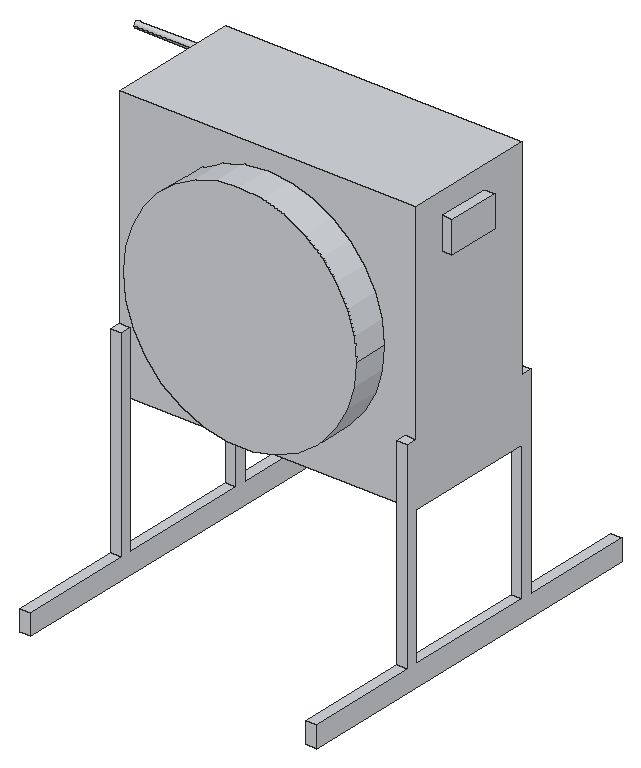
Revit family "M_Condensador - Resfriado a ar - Horizontal - 5-78 kW", category Equipamento mecânico, Revit 2019
Family settings
  Cota do conector redondo = Usar raio
  Tipo de parte = Normal
  Número OmniClass = 23.75.10.24.21.11.11
  Título OmniClass = Packaged Refrigerant Condensing Coils and Fan Units
  ID de item do Seek = Condenser - Air Cooled - Horizontal - 5-78 kW-0000-CAN-ENU
  Com base no plano de trabalho = Não
  Sempre na vertical = Sim
  Corte com vazios quando carregada = Não
  Compartilhado = Não
  Ponto de cálculo do ambiente = Não
Parameters (values of type "5 kW")
  Voltagem = 460 V
  Visibilidade = no
  Raio 1 = Diâmetro 1 / 2  # 279.5 mm
  Altura total = 1032 mm
  Raio da saída = 7.5 mm
  Diâmetro da saída = Raio da saída * 2  # 15 mm
  Número de pólos = 3
  Classificação de carga = Refrigeração
  Comprimento 1 = 0 mm
  Largura da perna = 914 mm
  Altura da perna = 533 mm
  Raio da embocadura = 7.5 mm
  Diâmetro da embocadura = Raio da embocadura * 2  # 15 mm
  Meio comprimento 1 = Comprimento 1 / 2  # 0 mm
  Diâmetro 1 = 559 mm
  Fluxo de material criogênico [instance] = 0.0 L/s
  Largura do condensador = 318 mm
  Material do condensador = none
  Comprimento do condensador = 711 mm
  Altura do condensador = 651 mm
  C2 Deslocamento 2 = 413 mm
  C2 Deslocamento 1 = 25 mm
  C1 Deslocamento 2 = 1016 mm
  C1 Deslocamento 1 = 76 mm
  Carga aparente [instance] = 598 VA
Types (12, lengths in mm): name | Visibilidade | Raio 1 | Altura total | Raio da saída | Diâmetro da saída | Comprimento 1 | Largura da perna | Altura da perna | Raio da embocadura | Diâmetro da embocadura | Meio comprimento 1 | Diâmetro 1 | Largura do condensador | Comprimento do condensador | Altura do condensador | C2 Deslocamento 2 | C2 Deslocamento 1 | C1 Deslocamento 2 | C1 Deslocamento 1 | Carga aparente
  (no name) | no | 279.5 | 1032 | 7.5 | 15 | 0 | 914 | 533 | 7.5 | 15 | 0 | 559 | 318 | 711 | 651 | 413 | 25 | 1016 | 76 | 598 VA
  5 kW | no | 279.5 | 1032 | 7.5 | 15 | 0 | 914 | 533 | 7.5 | 15 | 0 | 559 | 318 | 711 | 651 | 413 | 25 | 1016 | 76 | 598 VA
  8 kW | no | 279.5 | 1032 | 7.5 | 15 | 0 | 914 | 533 | 11.5 | 23 | 0 | 559 | 318 | 711 | 651 | 413 | 25 | 1016 | 76 | 598 VA
  13 kW | no | 279.5 | 1159 | 7.5 | 15 | 0 | 914 | 533 | 11.5 | 23 | 0 | 559 | 368 | 838 | 778 | 413 | 25 | 1143 | 76 | 598 VA
  18 kW | no | 279.5 | 1159 | 7.5 | 15 | 0 | 914 | 533 | 11.5 | 23 | 0 | 559 | 368 | 838 | 778 | 413 | 25 | 1143 | 76 | 598 VA
  27 kW | no | 279.5 | 1159 | 11.5 | 23 | 800 | 914 | 533 | 14 | 28 | 400 | 559 | 368 | 1600 | 778 | 426 | 25 | 949 | 76 | 2120 VA
  35 kW | no | 279.5 | 1159 | 14 | 28 | 800 | 914 | 533 | 17.5 | 35 | 400 | 559 | 368 | 1600 | 778 | 429 | 25 | 1121 | 76 | 2120 VA
  41 kW | no | 279.5 | 1159 | 14 | 28 | 800 | 914 | 533 | 17.5 | 35 | 400 | 559 | 400 | 1600 | 778 | 429 | 25 | 1041 | 76 | 2120 VA
  53 kW | yes | 406.5 | 1702 | 14 | 28 | 1248 | 1219 | 1092 | 17.5 | 35 | 624 | 813 | 540 | 2496 | 1219 | 1105 | 184 | 1588 | 70 | 6810 VA
  59 kW | yes | 406.5 | 1702 | 14 | 28 | 1248 | 1219 | 1092 | 17.5 | 35 | 624 | 813 | 540 | 2496 | 1219 | 1105 | 184 | 1588 | 70 | 6810 VA
  71 kW | yes | 406.5 | 1702 | 17.5 | 35 | 1248 | 1219 | 1092 | 21 | 42 | 624 | 813 | 540 | 2496 | 1219 | 1105 | 184 | 1588 | 70 | 6810 VA
  78 kW | yes | 406.5 | 1702 | 17.5 | 35 | 1248 | 1219 | 1092 | 21 | 42 | 624 | 813 | 540 | 2496 | 1219 | 1105 | 184 | 1588 | 70 | 6810 VA
Reference planes
  plane 1 "Centro (Frente/Trás)": y = 0
  plane 2: z = 0
  plane 3 "Centro (Esquerda/Direita)": x = 0
  plane 4: x = 25.4
  plane 5: z = 50.8
  plane 6: y = 914
  plane 7: x = 711
  plane 8: x = 355.5
  plane 9: x = 685.6
  plane 10: x = 342.8
  plane 11: x = 368.2
  plane 12: y = 457
  plane 13: y = 616
  plane 14: y = 298
  plane 15: y = 641.4
  plane 16: y = 272.6
  plane 17: z = 533
  plane 18: z = 1032
  plane 19: z = 381
  plane 20: x = 355.5
  plane 21: x = 355.5
  plane 22: z = 706.5
  plane 23: y = 215.45
  plane 24: z = 1016
  plane 25: y = 540
  plane 26: x = -152.4
  plane 27: z = 413
  plane 28: y = 591
  plane 29: z = 981.2
  plane 30: z = 905
  plane 31: y = 374.2
  plane 32: y = 501.2
  plane 33: x = 736.4
Forms (mm)
  Extrusion 1, solid, material <- "Material do condensador"
    sketch origin (0, 0, 0) x (1, 0, 0) y (0, 0, 1)
      loop
        line (0, 50.8) -> (0, 0) -> (25.4, 0) -> (25.4, 50.8) -> (0, 50.8)
    from 0 to -914
  Extrusion 2, solid, material <- "Material do condensador"
    sketch origin (0, 0, 0) x (1, 0, 0) y (0, 0, 1)
      loop
        line (685.6, 50.8) -> (685.6, 0) -> (711, 0) -> (711, 50.8) -> (685.6, 50.8)
    from 0 to -914
  Extrusion 3, solid, material <- "Material do condensador", visible <- "Visibilidade"
    sketch origin (0, 0, 0) x (1, 0, 0) y (0, 0, 1)
      loop
        line (342.8, 50.8) -> (342.8, 0) -> (368.2, 0) -> (368.2, 50.8) -> (342.8, 50.8)
    from 0 to -914
  Extrusion 4, solid, material <- "Material do condensador"
    sketch origin (0, 0, 0) x (1, 0, 0) y (0, 0, 1)
      loop
        line (0, 533) -> (0, 0) -> (25.4, 0) -> (25.4, 533) -> (0, 533)
    from -272.6 to -298
  Extrusion 5, solid, material <- "Material do condensador"
    sketch origin (0, 0, 0) x (1, 0, 0) y (0, 0, 1)
      loop
        line (0, 533) -> (0, 0) -> (25.4, 0) -> (25.4, 533) -> (0, 533)
    from -641.4 to -616
  Extrusion 6, solid, material <- "Material do condensador", visible <- "Visibilidade"
    sketch origin (0, 0, 0) x (1, 0, 0) y (0, 0, 1)
      loop
        line (342.8, 533) -> (342.8, 0) -> (368.2, 0) -> (368.2, 533) -> (342.8, 533)
    from -298 to -272.6
  Extrusion 7, solid, material <- "Material do condensador", visible <- "Visibilidade"
    sketch origin (0, 0, 0) x (1, 0, 0) y (0, 0, 1)
      loop
        line (342.8, 533) -> (342.8, 0) -> (368.2, 0) -> (368.2, 533) -> (342.8, 533)
    from -616 to -641.4
  Extrusion 8, solid, material <- "Material do condensador"
    sketch origin (0, 0, 0) x (1, 0, 0) y (0, 0, 1)
      loop
        line (685.6, 533) -> (685.6, 0) -> (711, 0) -> (711, 533) -> (685.6, 533)
    from -298 to -272.6
  Extrusion 9, solid, material <- "Material do condensador"
    sketch origin (0, 0, 0) x (1, 0, 0) y (0, 0, 1)
      loop
        line (685.6, 533) -> (685.6, 0) -> (711, 0) -> (711, 533) -> (685.6, 533)
    from -641.4 to -616
  Extrusion 10, solid, material <- "Material do condensador"
    sketch origin (0, 0, 0) x (1, 0, 0) y (0, 0, 1)
      loop
        line (0, 1032) -> (0, 381) -> (711, 381) -> (711, 1032) -> (0, 1032)
    from -298 to -616
  Extrusion 11, solid, material <- "Material do condensador", detail levels fine
    sketch origin (0, 0, 0) x (1, 0, 0) y (0, 0, 1)
      loop
        circle (355.5, 706.5) r 279.5
    from -298 to -215.45
  Extrusion 12, solid, material <- "Material do condensador", detail levels fine
    sketch origin (0, 0, 0) x (1, 0, 0) y (0, 0, 1)
      loop
        circle (355.5, 706.5) r 279.5
    from -298 to -215.45
  Extrusion 13, solid, material <- "Material do condensador"
    sketch origin (0, 0, 0) x (0, 1, 0) y (0, 0, 1)
      loop
        circle (540, 1016) r 7.5
    from 0 to -152.4
  Extrusion 14, solid, material <- "Material do condensador"
    sketch origin (0, 0, 0) x (0, 1, 0) y (0, 0, 1)
      loop
        circle (591, 413) r 7.5
    from 0 to -152.4
  Extrusion 15, solid, material <- "Material do condensador"
    sketch origin (0, 0, 0) x (0, 1, 0) y (0, 0, 1)
      loop
        line (374.2, 981.2) -> (374.2, 905) -> (501.2, 905) -> (501.2, 981.2) -> (374.2, 981.2)
    from 711 to 736.4
Cuts and joins
  joined: Extrusion 3, Extrusion 6, Extrusion 7
  joined: Extrusion 1, Extrusion 2, Extrusion 4, Extrusion 5, Extrusion 8, Extrusion 9, Extrusion 10, Extrusion 13, Extrusion 14, Extrusion 15
  joined: Extrusion 11, Extrusion 12
Dimensions and locks
  locked: plane 4 to plane 3 "Centro (Esquerda/Direita)" at 25.4
  locked: plane 5 to plane 2 at 50.8
  "Largura da perna": plane 6 to plane 1 "Centro (Frente/Trás)"
  "Comprimento do condensador": plane 7 to plane 3 "Centro (Esquerda/Direita)"
  equal spacing: plane 7, plane 8, plane 3 "Centro (Esquerda/Direita)"
  locked: plane 7 to plane 9 at 25.4
  locked: plane 10 to plane 8 at 12.7
  locked: plane 8 to plane 11 at 12.7
  equal spacing: plane 6, plane 12, plane 1 "Centro (Frente/Trás)"
  equal spacing: plane 13, plane 12, plane 14
  "Largura do condensador": plane 13 to plane 14
  locked: plane 15 to plane 13 at 25.4
  locked: plane 14 to plane 16 at 25.4
  "Altura da perna": plane 17 to plane 2
  "Altura total": plane 18 to plane 2
  "Altura do condensador": plane 18 to plane 19
  "Meio comprimento 1": plane 8 to plane 20
  "Meio comprimento 1": plane 21 to plane 8
  equal spacing: plane 18, plane 22, plane 19
  locked: plane 14 to plane 23 at 82.55
  "C1 Deslocamento 2": plane 24 to plane 2
  "C1 Deslocamento 1": plane 13 to plane 25
  locked: plane 3 "Centro (Esquerda/Direita)" to plane 26 at 152.4
  "C2 Deslocamento 2": plane 27 to plane 2
  "C2 Deslocamento 1": plane 13 to plane 28
  locked: plane 18 to plane 29 at 50.8
  locked: plane 29 to plane 30 at 76.2
  locked: plane 14 to plane 31 at 76.2
  locked: plane 31 to plane 32 at 127
  locked: plane 33 to plane 7 at 25.4
  "Raio 1": radius of Extrusion 11 sketch curve
  "Raio 1": radius of Extrusion 12 sketch curve
  "Raio da embocadura": radius of Extrusion 13 sketch curve
  "Raio da saída": radius of Extrusion 14 sketch curve
  aligned and locked: plane 3 "Centro (Esquerda/Direita)" to Extrusion 1 sketch curve
  aligned and locked: Extrusion 1 sketch curve to plane 5
  aligned and locked: plane 2 to Extrusion 1 sketch curve
  aligned and locked: Extrusion 1 sketch curve to plane 4
  aligned and locked: Extrusion 1 to plane 6
  aligned and locked: plane 1 "Centro (Frente/Trás)" to Extrusion 1
  aligned and locked: plane 9 to Extrusion 2 sketch curve
  aligned and locked: Extrusion 2 sketch curve to plane 5
  aligned and locked: plane 2 to Extrusion 2 sketch curve
  aligned and locked: Extrusion 2 sketch curve to plane 7
  aligned and locked: Extrusion 2 to Extrusion 1
  aligned and locked: plane 1 "Centro (Frente/Trás)" to Extrusion 2
  aligned and locked: plane 10 to Extrusion 3 sketch curve
  aligned and locked: Extrusion 3 sketch curve to plane 5
  aligned and locked: plane 2 to Extrusion 3 sketch curve
  aligned and locked: Extrusion 3 sketch curve to plane 11
  aligned and locked: Extrusion 3 to Extrusion 1
  aligned and locked: plane 1 "Centro (Frente/Trás)" to Extrusion 3
  aligned and locked: plane 3 "Centro (Esquerda/Direita)" to Extrusion 4 sketch curve
  aligned and locked: Extrusion 4 sketch curve to plane 17
  aligned and locked: Extrusion 1 to Extrusion 4 sketch curve
  aligned and locked: Extrusion 4 sketch curve to Extrusion 1
  aligned and locked: Extrusion 4 to plane 14
  aligned and locked: plane 16 to Extrusion 4
  aligned and locked: Extrusion 5 sketch curve to Extrusion 4  (x3)
  aligned and locked: Extrusion 1 to Extrusion 5 sketch curve
  aligned and locked: Extrusion 5 to plane 15
  aligned and locked: plane 13 to Extrusion 5
  aligned and locked: plane 10 to Extrusion 6 sketch curve
  aligned and locked: Extrusion 6 sketch curve to plane 17
  aligned and locked: Extrusion 3 to Extrusion 6 sketch curve
  aligned and locked: Extrusion 6 sketch curve to Extrusion 3
  aligned and locked: Extrusion 6 to plane 14
  aligned and locked: plane 16 to Extrusion 6
  aligned and locked: Extrusion 7 sketch curve to Extrusion 6  (x3)
  aligned and locked: Extrusion 3 to Extrusion 7 sketch curve
  aligned and locked: Extrusion 7 to plane 13
  aligned and locked: Extrusion 7 to plane 15
  aligned and locked: plane 9 to Extrusion 8 sketch curve
  aligned and locked: Extrusion 8 sketch curve to plane 17
  aligned and locked: Extrusion 2 to Extrusion 8 sketch curve
  aligned and locked: Extrusion 8 sketch curve to Extrusion 2
  aligned and locked: Extrusion 8 to plane 14
  aligned and locked: plane 16 to Extrusion 8
  aligned and locked: Extrusion 9 sketch curve to Extrusion 8  (x3)
  aligned and locked: Extrusion 9 sketch curve to Extrusion 2
  aligned and locked: Extrusion 9 to plane 15
  aligned and locked: plane 13 to Extrusion 9
  aligned and locked: plane 3 "Centro (Esquerda/Direita)" to Extrusion 10 sketch curve
  aligned and locked: Extrusion 10 sketch curve to plane 18
  aligned and locked: plane 19 to Extrusion 10 sketch curve
  aligned and locked: Extrusion 10 sketch curve to plane 7
  aligned and locked: Extrusion 10 to plane 13
  aligned and locked: plane 14 to Extrusion 10
  aligned and locked: plane 20 to Extrusion 11 sketch curve
  aligned and locked: plane 22 to Extrusion 11 sketch curve
  aligned and locked: Extrusion 11 to plane 14
  aligned and locked: plane 23 to Extrusion 11
  aligned and locked: plane 21 to Extrusion 12 sketch curve
  aligned and locked: plane 22 to Extrusion 12 sketch curve
  aligned and locked: Extrusion 12 to plane 14
  aligned and locked: Extrusion 12 to Extrusion 11
  aligned and locked: plane 25 to Extrusion 13 sketch curve
  aligned and locked: plane 24 to Extrusion 13 sketch curve
  aligned and locked: Extrusion 13 to plane 26
  aligned and locked: plane 3 "Centro (Esquerda/Direita)" to Extrusion 13
  aligned and locked: plane 28 to Extrusion 14 sketch curve
  aligned and locked: plane 27 to Extrusion 14 sketch curve
  aligned and locked: Extrusion 13 to Extrusion 14
  aligned and locked: plane 3 "Centro (Esquerda/Direita)" to Extrusion 14
  aligned and locked: plane 31 to Extrusion 15 sketch curve
  aligned and locked: Extrusion 15 sketch curve to plane 29
  aligned and locked: plane 30 to Extrusion 15 sketch curve
  aligned and locked: Extrusion 15 sketch curve to plane 32
  aligned and locked: plane 33 to Extrusion 15
  aligned and locked: Extrusion 15 to plane 7
Connectors
  piping at (-152.4, 591, 413), diameter 15, driven by "Raio da saída", driven by "Fluxo de material criogênico"
    settings: on Extrusion 14, index 1, connector inside diameter 15 mm, connector length 0 mm, flow factor 0, pipe flow 0.0 L/s, pressure drop 0.0 Pa, fitting loss kfactor 0, connector angle 0.00°, fixture units 0, engagement length 0 mm, angle of deflection 0.00°, flow configuration 0, flow direction 2, fitting loss method 0, system type 7, joint type 0, gender type 0, connector reference index 2, connector utility 0, adjustable connector no, is connector primary yes, connector description "Saída de material criogênico"
  piping at (-152.4, 540, 1016), diameter 15, driven by "Raio da embocadura", driven by "Fluxo de material criogênico"
    settings: on Extrusion 13, index 2, connector inside diameter 15 mm, connector length 0 mm, flow factor 0, pipe flow 0.0 L/s, pressure drop 0.0 Pa, fitting loss kfactor 0, connector angle 0.00°, fixture units 0, engagement length 0 mm, angle of deflection 0.00°, flow configuration 0, flow direction 1, fitting loss method 0, system type 8, joint type 0, gender type 0, connector reference index 1, connector utility 0, adjustable connector no, is connector primary no, connector description "Entrada de material criogênico"
  electrical at (723.7, 437.7, 905), driven by "Número de pólos", driven by "Carga aparente", driven by "Voltagem", driven by "Classificação de carga"
    settings: on Extrusion 15, index 3, voltage 460 V, apparent load 598 VA, apparent load phase1 0 VA, apparent load phase2 0 VA, apparent load phase3 0 VA, power factor 0.8, load classification "Refrigeração", number of poles 3, system type 30, power factor state 1, is connector primary yes, connector utility no, sub classification motor no, connector description ""
